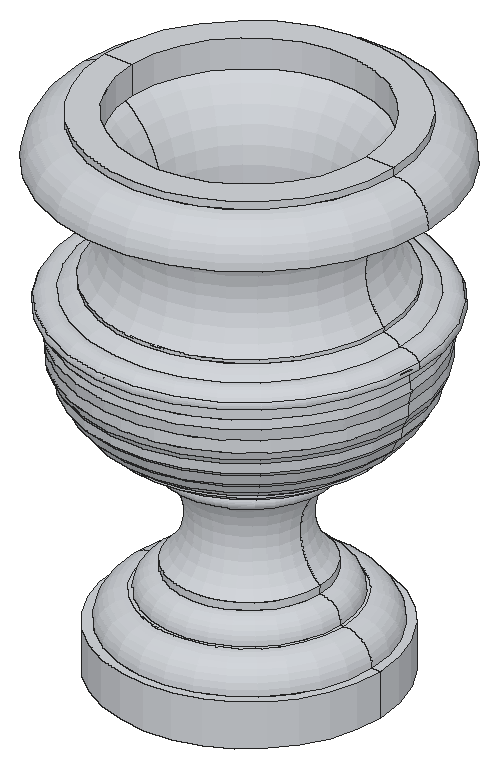
Revit family
Parameters (values of type "SBSP-053.1")
  Width = 1' - 5"
  URL = "www.strombergarchitectural.com"
  Top Material = GFRC
  Submittal Sheet = "www.strombergarchitectural.com/images/materials/gfrc/submittal/gfrc-submittal-sheet.pdf"
  Specifications = "www.strombergarchitectural.com/gfrcspecifications"
  Model Cut-sheet = "www.strombergarchitectural.com/products/bollards/design/SBSP-053"
  Model = "SBSP-053"
  Manufacturer = "Stromberg Architectural Products"
  Guidebook = "www.strombergarchitectural.com/images/materials/gfrc/handbooks/gfrc_guidebook.pdf   \r\n(http://www.strombergarchitectural.com/images/materials/gfrc/handbooks/gfrc_guidebook.pdf"
  Frame Material = none
  Description = "GFRC Bollard"
  Assembly Code = ""
  Height = 2' - 0"
  056.5 = no
  053.4 = no
  053.3 = no
  053.2 = no
  053.1 = yes
Types (6): name | Width | Guidebook | Height | 056.5 | 053.4 | 053.3 | 053.2 | 053.1
  (no name) | 1' - 5" | "www.strombergarchitectural.com/images/materials/gfrc/handbooks/gfrc_guidebook.pdf   \r\n(http://www.strombergarchitectural.com/images/materials/gfrc/handbooks/gfrc_guidebook.pdf" | 2' - 0" | no | no | no | no | yes
  SBSP-053.3 | 2' - 2" | "www.strombergarchitectural.com/images/materials/gfrc/handbooks/gfrc_guidebook.pdf" | 3' - 0" | no | no | yes | no | no
  SBSP-053.1 | 1' - 5" | "www.strombergarchitectural.com/images/materials/gfrc/handbooks/gfrc_guidebook.pdf   \r\n(http://www.strombergarchitectural.com/images/materials/gfrc/handbooks/gfrc_guidebook.pdf" | 2' - 0" | no | no | no | no | yes
  SBSP-053.2 | 1' - 10" | "www.strombergarchitectural.com/images/materials/gfrc/handbooks/gfrc_guidebook.pdf" | 2' - 6" | no | no | no | yes | no
  SBSP-053.4 | 2' - 6" | "www.strombergarchitectural.com/images/materials/gfrc/handbooks/gfrc_guidebook.pdf" | 3' - 6" | no | yes | no | no | no
  SBSP-053.5 | 2' - 11" | "www.strombergarchitectural.com/images/materials/gfrc/handbooks/gfrc_guidebook.pdf" | 4' - 0" | yes | no | no | no | no
Reference planes (in)
  plane 1 "Center (Front/Back)": y = 3.74847
  plane 2: z = 0
  plane 3 "Center (Left/Right)": x = 0.7278
  plane 4 "Front": y = -3.25153
  plane 5 "Back": y = 10.74847
  plane 6 "Left": x = -17.2722
  plane 7 "Right": x = 18.7278
Forms (in)
  Revolve 1, solid, visible <- "053.1"
    sketch origin (-74.11429, 3.74847, -36.51147) x (1, 0, 0) y (0, 0, 1)
      loop
        line (74.84209, 36.51147) -> (81.05042, 36.51147) -> (81.05042, 38.472) -> (80.64198, 38.472)
        arc (80.64198, 38.472) -> (80.25916, 39.3962) -> (79.33496, 39.77902) r 1.30702
        line (79.33496, 39.77902) -> (79.17158, 39.77902)
        arc (79.17158, 39.77902) -> (78.88447, 40.47217) -> (78.19132, 40.75928) r 0.98026
        line (78.19132, 40.75928) -> (78.19132, 41.08603)
        arc (78.19132, 41.08603) -> (77.24712, 43.09135) -> (78.19132, 45.09666) r 2.60157
        arc (78.19132, 45.09666) -> (78.51807, 45.42342) -> (78.19132, 45.75017) r 0.32675
        line (78.19132, 45.75017) -> (78.19132, 45.91355)
        arc (78.19132, 45.91355) -> (78.48059, 45.97553) -> (78.74818, 46.10169) r 1.292
        arc (78.74818, 46.10169) -> (79.18199, 46.14539) -> (79.60684, 46.24341) r 3.45323
        line (79.60684, 46.24341) -> (79.86944, 46.5526) -> (80.0222, 46.59806) -> (80.42446, 46.77283) -> (80.42446, 46.86979) -> (80.85435, 47.33086) -> (81.0982, 47.37303) -> (81.38823, 47.80563) -> (81.59959, 47.98532) -> (81.87062, 48.53216) -> (82.05071, 48.72113) -> (82.1029, 49.18092) -> (82.25807, 49.42933) -> (82.40674, 49.79829) -> (82.40674, 50.32594) -> (82.50703, 50.83309) -> (82.45505, 51.23128) -> (82.45505, 51.7285)
        arc (82.45505, 51.7285) -> (82.6496, 51.85043) -> (82.87768, 51.87692) r 0.52116
        arc (82.87768, 51.87692) -> (82.89285, 52.03066) -> (82.84452, 52.1774) r 0.37358
        arc (82.84452, 52.1774) -> (82.47697, 52.5155) -> (81.97823, 52.54126) r 0.7362
        arc (81.97823, 52.54126) -> (81.62487, 52.77992) -> (81.22232, 52.92056) r 1.65793
        line (81.22232, 52.92056) -> (81.22232, 53.08393)
        arc (81.22232, 53.08393) -> (80.58767, 56.2499) -> (83.31993, 57.97062) r 2.84557
        arc (83.31993, 57.97062) -> (82.87901, 59.19376) -> (81.68616, 59.71103) r 1.63912
        line (81.68616, 59.71103) -> (81.68616, 60.03779) -> (80.37914, 60.03779) -> (80.37914, 58.73077) -> (80.82165, 58.73077) -> (80.94172, 58.61069)
        arc (80.94172, 58.61069) -> (79.10015, 55.77133) -> (79.98335, 52.50432) r 4.15258
        line (79.98335, 52.50432) -> (81.14803, 51.61565)
        arc (81.14803, 51.61565) -> (80.03874, 48.36052) -> (76.8843, 46.99086) r 4.25157
        line (76.8843, 46.99086) -> (76.8843, 45.63879)
        arc (76.8843, 45.63879) -> (76.18375, 44.44975) -> (75.9401, 43.09135) r 3.90858
        arc (75.9401, 43.09135) -> (76.17935, 41.74547) -> (76.83117, 40.54391) r 4.27516
        line (76.83117, 40.54391) -> (74.84209, 40.54391) -> (74.84209, 36.51147)
      axis (74.84209, 36.51147) -> (74.84209, 60.03779)
    angle from 0 to 360
  Revolve 2, solid, visible <- "053.2"
    sketch origin (-110.62465, 3.74847, -36.51147) x (1, 0, 0) y (0, 0, 1)
      loop
        line (111.35245, 36.51147) -> (119.45662, 36.51147) -> (119.45662, 39.07068) -> (118.92345, 39.07068)
        arc (118.92345, 39.07068) -> (118.42373, 40.27711) -> (117.21731, 40.77682) r 1.70614
        line (117.21731, 40.77682) -> (117.00404, 40.77682)
        arc (117.00404, 40.77682) -> (116.62926, 41.68164) -> (115.72444, 42.05643) r 1.27961
        line (115.72444, 42.05643) -> (115.72444, 42.48296)
        arc (115.72444, 42.48296) -> (114.49191, 45.10064) -> (115.72444, 47.71832) r 3.39601
        arc (115.72444, 47.71832) -> (116.15097, 48.14485) -> (115.72444, 48.57139) r 0.42654
        line (115.72444, 48.57139) -> (115.72444, 48.78465)
        arc (115.72444, 48.78465) -> (116.10204, 48.86557) -> (116.45134, 49.03025) r 1.68653
        line (116.45134, 49.03025) -> (117.00847, 49.0858) -> (117.57221, 49.21524) -> (117.91501, 49.61886) -> (118.11441, 49.6782) -> (118.63951, 49.90634) -> (118.63951, 50.03289) -> (119.20067, 50.63477) -> (119.51899, 50.68981) -> (119.89758, 51.25452) -> (120.17348, 51.48908) -> (120.52728, 52.20291) -> (120.76237, 52.44959) -> (120.8305, 53.04977) -> (121.03304, 53.37404) -> (121.22711, 53.85567) -> (121.22711, 54.54445) -> (121.35803, 55.20647) -> (121.29017, 55.72625) -> (121.29017, 56.37531)
        arc (121.29017, 56.37531) -> (121.54414, 56.53447) -> (121.84187, 56.56905) r 0.68031
        arc (121.84187, 56.56905) -> (121.8606, 56.75976) -> (121.8826, 56.95012) r 11.14715
        arc (121.8826, 56.95012) -> (121.35367, 57.38934) -> (120.66775, 57.43626) r 1.11864
        arc (120.66775, 57.43626) -> (120.20648, 57.7478) -> (119.68101, 57.93138) r 2.16421
        line (119.68101, 57.93138) -> (119.68101, 58.14465)
        arc (119.68101, 58.14465) -> (118.85255, 62.27741) -> (122.41917, 64.52359) r 3.71452
        arc (122.41917, 64.52359) -> (121.8436, 66.12023) -> (120.28649, 66.79546) r 2.13966
        line (120.28649, 66.79546) -> (120.28649, 67.222) -> (118.58035, 67.222) -> (118.58035, 65.51586) -> (119.15798, 65.51586)
        arc (119.15798, 65.51586) -> (119.24682, 65.44269) -> (119.34039, 65.37567) r 1.70614
        arc (119.34039, 65.37567) -> (116.91318, 61.66778) -> (118.0637, 57.38805) r 5.42066
        line (118.0637, 57.38805) -> (119.58403, 56.228)
        arc (119.58403, 56.228) -> (118.136, 51.97885) -> (114.0183, 50.19094) r 5.54987
        line (114.0183, 50.19094) -> (114.0183, 48.42599)
        arc (114.0183, 48.42599) -> (113.10381, 46.87385) -> (112.78577, 45.10064) r 5.10215
        arc (112.78577, 45.10064) -> (113.09807, 43.34377) -> (113.94893, 41.77529) r 5.58066
        line (113.94893, 41.77529) -> (111.35245, 41.77529) -> (111.35245, 36.51147)
      axis (111.35245, 36.51147) -> (111.35245, 67.222)
    angle from 0 to 360
  Revolve 3, solid, visible <- "053.3"
    sketch origin (-152.62793, 3.74847, -36.51147) x (1, 0, 0) y (0, 0, 1)
      loop
        line (153.35573, 36.51147) -> (162.97205, 36.51147) -> (162.97205, 39.51147) -> (162.34705, 39.51147)
        arc (162.34705, 39.51147) -> (161.76127, 40.92569) -> (160.34705, 41.51147) r 2
        line (160.34705, 41.51147) -> (160.09705, 41.51147)
        arc (160.09705, 41.51147) -> (159.65771, 42.57213) -> (158.59705, 43.01147) r 1.5
        line (158.59705, 43.01147) -> (158.59705, 43.51147)
        arc (158.59705, 43.51147) -> (157.15224, 46.58001) -> (158.59705, 49.64854) r 3.98092
        arc (158.59705, 49.64854) -> (159.09705, 50.14854) -> (158.59705, 50.64854) r 0.5
        line (158.59705, 50.64854) -> (158.59705, 50.89854)
        arc (158.59705, 50.89854) -> (159.03969, 50.99339) -> (159.44916, 51.18644) r 1.97702
        line (159.44916, 51.18644) -> (160.10225, 51.25155) -> (160.76308, 51.4033) -> (161.16492, 51.87643) -> (161.39866, 51.94599) -> (162.01421, 52.21342) -> (162.01421, 52.36178) -> (162.67202, 53.06732) -> (163.04517, 53.13184) -> (163.48896, 53.79381) -> (163.81239, 54.06877) -> (164.22712, 54.90555) -> (164.5027, 55.19471) -> (164.58256, 55.89827) -> (164.82, 56.27839) -> (165.04749, 56.84297) -> (165.04749, 57.65038) -> (165.20095, 58.42643) -> (165.12141, 59.03574) -> (165.12141, 59.79659)
        arc (165.12141, 59.79659) -> (165.41913, 59.98317) -> (165.76813, 60.02369) r 0.79748
        arc (165.76813, 60.02369) -> (165.79134, 60.25896) -> (165.71738, 60.48349) r 0.57165
        arc (165.71738, 60.48349) -> (165.15496, 61.00085) -> (164.39179, 61.04027) r 1.12653
        arc (164.39179, 61.04027) -> (163.85107, 61.40547) -> (163.23509, 61.62067) r 2.53696
        line (163.23509, 61.62067) -> (163.23509, 61.87067)
        arc (163.23509, 61.87067) -> (162.26395, 66.71524) -> (166.44486, 69.3483) r 4.35429
        arc (166.44486, 69.3483) -> (165.77016, 71.21994) -> (163.94486, 72.01147) r 2.50818
        line (163.94486, 72.01147) -> (163.94486, 72.51147) -> (161.94486, 72.51147) -> (161.94486, 70.51147) -> (162.62198, 70.51147) -> (162.83581, 70.34714)
        arc (162.83581, 70.34714) -> (159.99054, 66.00061) -> (161.33922, 60.98376) r 6.35429
        line (161.33922, 60.98376) -> (163.12141, 59.62391)
        arc (163.12141, 59.62391) -> (161.42397, 54.6429) -> (156.59705, 52.54705) r 6.50576
        line (156.59705, 52.54705) -> (156.59705, 50.47811)
        arc (156.59705, 50.47811) -> (155.52506, 48.65863) -> (155.15224, 46.58001) r 5.98092
        arc (155.15224, 46.58001) -> (155.51833, 44.52054) -> (156.51574, 42.68191) r 6.54186
        line (156.51574, 42.68191) -> (153.35573, 42.68191) -> (153.35573, 36.51147)
      axis (153.35573, 36.51147) -> (153.35573, 72.51147)
    angle from 0 to 360
  Revolve 4, solid, visible <- "053.4"
    sketch origin (-206.84443, 3.74847, -36.51147) x (1, 0, 0) y (0, 0, 1)
      loop
        line (207.57223, 36.51147) -> (218.53056, 36.51147) -> (218.53056, 39.972) -> (217.80962, 39.972)
        arc (217.80962, 39.972) -> (217.13391, 41.60331) -> (215.5026, 42.27902) r 2.30702
        line (215.5026, 42.27902) -> (215.21422, 42.27902)
        arc (215.21422, 42.27902) -> (214.70744, 43.5025) -> (213.48396, 44.00928) r 1.73026
        line (213.48396, 44.00928) -> (213.48396, 44.58603)
        arc (213.48396, 44.58603) -> (211.81735, 48.12562) -> (213.48396, 51.6652) r 4.59203
        arc (213.48396, 51.6652) -> (214.06071, 52.24195) -> (213.48396, 52.81871) r 0.57675
        line (213.48396, 52.81871) -> (213.48396, 53.10709)
        arc (213.48396, 53.10709) -> (213.99455, 53.2165) -> (214.46687, 53.43918) r 2.28051
        line (214.46687, 53.43918) -> (215.22021, 53.51429) -> (215.98249, 53.68932) -> (216.44602, 54.23508) -> (216.71564, 54.31532) -> (217.42568, 54.62381) -> (217.42568, 54.79494) -> (218.18447, 55.60878) -> (218.6149, 55.68321) -> (219.12682, 56.4468) -> (219.49989, 56.76397) -> (219.97829, 57.7292) -> (220.29617, 58.06275) -> (220.38829, 58.87431) -> (220.66218, 59.31279) -> (220.92459, 59.96404) -> (220.92459, 60.89539) -> (221.10161, 61.79057) -> (221.00986, 62.49341) -> (221.00986, 63.37106)
        arc (221.00986, 63.37106) -> (221.34345, 63.58276) -> (221.73507, 63.63501) r 0.9199
        arc (221.73507, 63.63501) -> (221.78267, 63.90396) -> (221.69732, 64.16341) r 0.55973
        arc (221.69732, 64.16341) -> (221.04856, 64.76019) -> (220.16824, 64.80565) r 1.29947
        arc (220.16824, 64.80565) -> (219.54452, 65.22691) -> (218.83398, 65.47516) r 2.92641
        line (218.83398, 65.47516) -> (218.83398, 65.76353)
        arc (218.83398, 65.76353) -> (217.71375, 71.35179) -> (222.53647, 74.38904) r 5.02271
        arc (222.53647, 74.38904) -> (221.7582, 76.54799) -> (219.6527, 77.46103) r 2.89321
        line (219.6527, 77.46103) -> (219.6527, 78.03779) -> (217.34568, 78.03779) -> (217.34568, 75.73077) -> (218.12675, 75.73077) -> (218.3734, 75.54121)
        arc (218.3734, 75.54121) -> (215.09136, 70.52746) -> (216.64707, 64.74047) r 7.32973
        line (216.64707, 64.74047) -> (218.70285, 63.17187)
        arc (218.70285, 63.17187) -> (216.74484, 57.42623) -> (211.17694, 55.00865) r 7.50445
        line (211.17694, 55.00865) -> (211.17694, 52.62211)
        arc (211.17694, 52.62211) -> (209.94039, 50.52333) -> (209.51033, 48.12562) r 6.89905
        arc (209.51033, 48.12562) -> (209.93262, 45.75001) -> (211.08315, 43.62912) r 7.54609
        line (211.08315, 43.62912) -> (207.57223, 43.62912) -> (207.57223, 36.51147)
      axis (207.57223, 36.51147) -> (207.57223, 78.03779)
    angle from 0 to 360
  Revolve 5, solid, visible <- "056.5"
    sketch origin (-262.16118, 3.74847, -36.51147) x (1, 0, 0) y (0, 0, 1)
      loop
        line (262.88898, 36.51147) -> (275.74315, 36.51147) -> (275.74315, 40.57068) -> (274.89748, 40.57068)
        arc (274.89748, 40.57068) -> (274.10487, 42.48421) -> (272.19134, 43.27682) r 2.70614
        line (272.19134, 43.27682) -> (271.85307, 43.27682)
        arc (271.85307, 43.27682) -> (271.25861, 44.71197) -> (269.82347, 45.30643) r 2.02961
        line (269.82347, 45.30643) -> (269.82347, 45.98296)
        arc (269.82347, 45.98296) -> (267.86853, 50.13491) -> (269.82347, 54.28685) r 5.38647
        arc (269.82347, 54.28685) -> (270.5, 54.96339) -> (269.82347, 55.63992) r 0.67654
        line (269.82347, 55.63992) -> (269.82347, 55.97819)
        arc (269.82347, 55.97819) -> (270.42239, 56.10653) -> (270.97642, 56.36774) r 2.67504
        line (270.97642, 56.36774) -> (271.8601, 56.45584) -> (272.75425, 56.66116) -> (273.29797, 57.30133) -> (273.61424, 57.39546) -> (274.44712, 57.75731) -> (274.44712, 57.95805) -> (275.33719, 58.91269) -> (275.84208, 59) -> (276.44256, 59.89569) -> (276.88018, 60.26773) -> (277.44134, 61.39995) -> (277.81421, 61.79121) -> (277.92228, 62.74317) -> (278.24354, 63.2575) -> (278.55136, 64.02142) -> (278.55136, 65.1139) -> (278.759, 66.16395) -> (278.65138, 66.98838) -> (278.65138, 68.01787)
        arc (278.65138, 68.01787) -> (279.05421, 68.27032) -> (279.52643, 68.32516) r 1.07905
        arc (279.52643, 68.32516) -> (279.55784, 68.64348) -> (279.45777, 68.9473) r 0.77348
        arc (279.45777, 68.9473) -> (278.69677, 69.64732) -> (277.66415, 69.70066) r 1.52428
        arc (277.66415, 69.70066) -> (276.93252, 70.1948) -> (276.09906, 70.48598) r 3.43269
        line (276.09906, 70.48598) -> (276.09906, 70.82425)
        arc (276.09906, 70.82425) -> (274.78503, 77.3793) -> (280.44209, 80.942) r 5.89166
        arc (280.44209, 80.942) -> (279.52918, 83.47446) -> (277.05942, 84.54546) r 3.39375
        line (277.05942, 84.54546) -> (277.05942, 85.222) -> (274.35328, 85.222) -> (274.35328, 82.51586) -> (275.26948, 82.51586) -> (275.55879, 82.2935)
        arc (275.55879, 82.2935) -> (271.70895, 76.41235) -> (273.53381, 69.62419) r 8.5978
        line (273.53381, 69.62419) -> (275.94524, 67.78422)
        arc (275.94524, 67.78422) -> (273.64849, 61.04457) -> (267.11732, 58.20873) r 8.80275
        line (267.11732, 58.20873) -> (267.11732, 55.40931)
        arc (267.11732, 55.40931) -> (265.66684, 52.94743) -> (265.16239, 50.13491) r 8.09261
        arc (265.16239, 50.13491) -> (265.65773, 47.34831) -> (267.00731, 44.8605) r 8.85159
        line (267.00731, 44.8605) -> (262.88898, 44.8605) -> (262.88898, 36.51147)
      axis (262.88898, 36.51147) -> (262.88898, 85.222)
    angle from 0 to 360
Dimensions and locks (in)
  aligned and locked: level to plane 2
